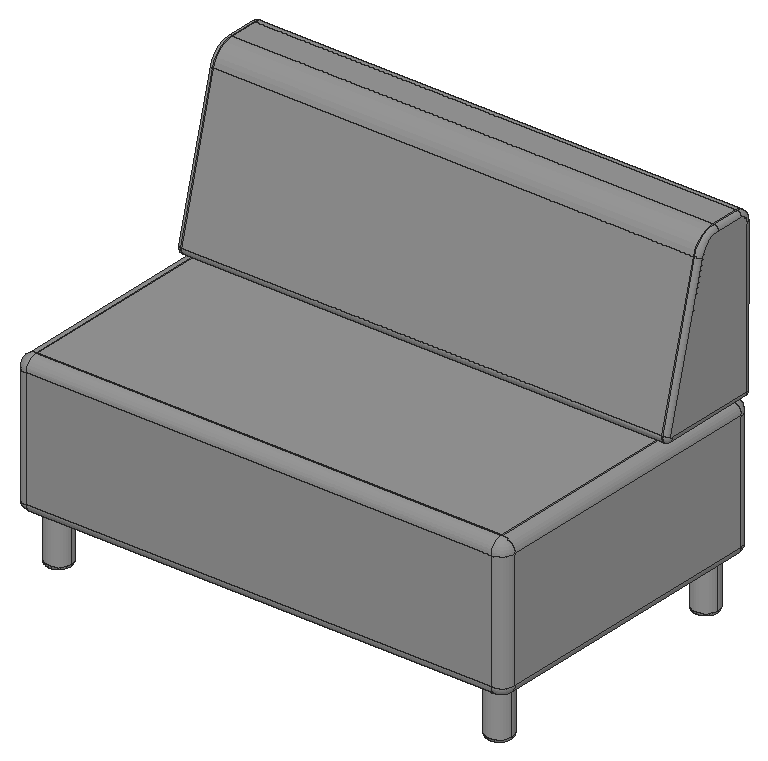
Revit family "7500C Loveseat Armless - Kids", category Generic Models, Revit 2018
Family settings
  Can host rebar = No
  Round Connector Dimension = Use Diameter
  Part Type = Normal
  Work Plane-Based = No
  Always vertical = Yes
  Cut with Voids When Loaded = No
  Shared = No
  Room Calculation Point = No
Parameters
  Top Fabric = 7500C Top Fabric
  Bottom Fabric = 7500C Bottom Fabric
Reference planes (in)
  plane 1 "Center (Front/Back)": y = 0
  plane 2: z = 0
  plane 3 "Center (Left/Right)": x = 0
Forms (in)
  Extrusion 1, solid, material "7500C Bottom Fabric" <- "Bottom Fabric"
    sketch origin (0, 0, 0) x (1, 0, 0) y (0, 1, 0)
      loop
        arc (-18.47909, 11.25066) -> (-18.49388, 11.24454) -> (-18.5, 11.22975) r 0.02091
        line (-18.5, 11.22975) -> (-18.5, -11.22975)
        arc (-18.5, -11.22975) -> (-18.49426, -11.2436) -> (-18.48041, -11.24934) r 0.01959
        line (-18.48041, -11.24934) -> (18.48041, -11.24934)
        arc (18.48041, -11.24934) -> (18.49426, -11.2436) -> (18.5, -11.22975) r 0.01959
        line (18.5, -11.22975) -> (18.5, 11.22975)
        arc (18.5, 11.22975) -> (18.49388, 11.24454) -> (18.47909, 11.25066) r 0.02091
        line (18.47909, 11.25066) -> (-18.47909, 11.25066)
    from 4 to 15
  Sweep 2, solid, material "7500C Bottom Fabric" <- "Bottom Fabric"
    path origin (0, 0, 0) x (1, 0, 0) y (0, 1, 0)
      loop
        line (18.47909, 11.25066) -> (-18.47909, 11.25066)
        arc (-18.47909, 11.25066) -> (-18.49388, 11.24454) -> (-18.5, 11.22975) r 0.02091
        line (-18.5, 11.22975) -> (-18.5, -11.22975)
        arc (-18.5, -11.22975) -> (-18.49426, -11.2436) -> (-18.48041, -11.24934) r 0.01959
        line (-18.48041, -11.24934) -> (18.48041, -11.24934)
        arc (18.48041, -11.24934) -> (18.49426, -11.2436) -> (18.5, -11.22975) r 0.01959
        line (18.5, -11.22975) -> (18.5, 11.22975)
        arc (18.5, 11.22975) -> (18.49388, 11.24454) -> (18.47909, 11.25066) r 0.02091
    profile origin (0, 11.25066, 0) x (0, -1, 0) y (0, 0, 1)
      loop
        arc (0, 15) -> (-0.70711, 14.70711) -> (-1, 14) r 1
        line (-1, 14) -> (-1, 4.61745)
        arc (-1, 4.61745) -> (-0.85933, 4.22019) -> (-0.5, 4) r 0.63124
        line (-0.5, 4) -> (0, 4) -> (0, 15)
  Revolve 3, solid, material "7000C Frame"
    sketch origin (-9.75, -10.24934, 0) x (1, 0, 0) y (0, 0, 1)
      loop
        line (-7.75, 4) -> (-7.75, 0) -> (-6.95, 0)
        arc (-6.95, 0) -> (-6.80858, 0.05858) -> (-6.75, 0.2) r 0.2
        line (-6.75, 0.2) -> (-6.75, 4) -> (-7.75, 4)
      axis (-7.75, 4) -> (-7.75, 0)
    angle from 0 to 360
  Revolve 4, solid, material "7000C Frame"
    sketch origin (9.75, -10.24934, 0) x (-1, 0, 0) y (0, 0, -1)
      loop
        line (-7.75, -4) -> (-6.75, -4) -> (-6.75, -0.2)
        arc (-6.75, -0.2) -> (-6.80858, -0.05858) -> (-6.95, 0) r 0.2
        line (-6.95, 0) -> (-7.75, 0) -> (-7.75, -4)
      axis (-7.75, -4) -> (-7.75, 0)
    angle from 0 to 360
  Revolve 5, solid, material "7000C Frame"
    sketch origin (-9.75, 10.24934, 0) x (1, 0, 0) y (0, 0, -1)
      loop
        line (-7.75, -4) -> (-6.75, -4) -> (-6.75, -0.2)
        arc (-6.75, -0.2) -> (-6.80858, -0.05858) -> (-6.95, 0) r 0.2
        line (-6.95, 0) -> (-7.75, 0) -> (-7.75, -4)
      axis (-7.75, -4) -> (-7.75, 0)
    angle from 0 to 360
  Revolve 6, solid, material "7000C Frame"
    sketch origin (9.75, 10.24934, 0) x (-1, 0, 0) y (0, 0, 1)
      loop
        line (-7.75, 4) -> (-7.75, 0) -> (-6.95, 0)
        arc (-6.95, 0) -> (-6.80858, 0.05858) -> (-6.75, 0.2) r 0.2
        line (-6.75, 0.2) -> (-6.75, 4) -> (-7.75, 4)
      axis (-7.75, 4) -> (-7.75, 0)
    angle from 0 to 360
  Extrusion 7, solid, material "7500C Top Fabric" <- "Top Fabric"
    sketch origin (0, 0, 0) x (0, 1, 0) y (0, 0, 1)
      loop
        line (12.25066, 15.5) -> (12.25066, 27.5)
        arc (12.25066, 27.5) -> (11.95777, 28.20711) -> (11.25066, 28.5) r 1
        line (11.25066, 28.5) -> (8.98349, 28.5)
        arc (8.98349, 28.5) -> (7.77094, 28.09051) -> (7.05491, 27.02973) r 2
        line (7.05491, 27.02973) -> (3.92437, 15.63243)
        arc (3.92437, 15.63243) -> (4.00889, 15.19686) -> (4.40652, 15) r 0.5
        line (4.40652, 15) -> (11.75066, 15)
        arc (11.75066, 15) -> (12.10421, 15.14645) -> (12.25066, 15.5) r 0.5
    from -19.115 to 19.115
  Extrusion 8, solid, material "7500C Top Fabric" <- "Top Fabric"
    sketch origin (-9.75, 0, 0) x (0, 1, 0) y (0, 0, 1)
      loop
        arc (11.75066, 15.4) -> (11.82137, 15.42929) -> (11.85066, 15.5) r 0.1
        line (11.85066, 15.5) -> (11.85066, 27.5)
        arc (11.85066, 27.5) -> (11.67492, 27.92426) -> (11.25066, 28.1) r 0.6
        line (11.25066, 28.1) -> (8.98349, 28.1)
        arc (8.98349, 28.1) -> (8.01345, 27.77241) -> (7.44063, 26.92378) r 1.6
        line (7.44063, 26.92378) -> (4.31009, 15.52649)
        arc (4.31009, 15.52649) -> (4.32699, 15.43937) -> (4.40652, 15.4) r 0.1
        line (4.40652, 15.4) -> (11.75066, 15.4)
    from -9.75 to -9.365
  Sweep 9, solid, material "7500C Top Fabric" <- "Top Fabric"
    path origin (-9.75, 0, 0) x (0, 1, 0) y (0, 0, 1)
      loop
        line (11.85066, 15.5) -> (11.85066, 27.5)
        arc (11.85066, 27.5) -> (11.67492, 27.92426) -> (11.25066, 28.1) r 0.6
        line (11.25066, 28.1) -> (8.98349, 28.1)
        arc (8.98349, 28.1) -> (8.01345, 27.77241) -> (7.44063, 26.92378) r 1.6
        line (7.44063, 26.92378) -> (4.31009, 15.52649)
        arc (4.31009, 15.52649) -> (4.32699, 15.43937) -> (4.40652, 15.4) r 0.1
        line (4.40652, 15.4) -> (11.75066, 15.4)
        arc (11.75066, 15.4) -> (11.82137, 15.42929) -> (11.85066, 15.5) r 0.1
    profile origin (-9.75, 11.85066, 21.5) x (0, -1, 0) y (1, 0, 0)
      loop
        arc (-0.4, -9.365) -> (-0.27759, -9.63811) -> (0, -9.75) r 0.40029
        line (0, -9.75) -> (0, -9.365) -> (-0.4, -9.365)
  Extrusion 10, solid, material "7500C Top Fabric" <- "Top Fabric"
    sketch origin (9.75, 0, 0) x (0, 1, 0) y (0, 0, -1)
      loop
        line (11.75066, -15.4) -> (4.40652, -15.4)
        arc (4.40652, -15.4) -> (4.32699, -15.43937) -> (4.31009, -15.52649) r 0.1
        line (4.31009, -15.52649) -> (7.44063, -26.92378)
        arc (7.44063, -26.92378) -> (8.01345, -27.77241) -> (8.98349, -28.1) r 1.6
        line (8.98349, -28.1) -> (11.25066, -28.1)
        arc (11.25066, -28.1) -> (11.67492, -27.92426) -> (11.85066, -27.5) r 0.6
        line (11.85066, -27.5) -> (11.85066, -15.5)
        arc (11.85066, -15.5) -> (11.82137, -15.42929) -> (11.75066, -15.4) r 0.1
    from -9.75 to -9.365
  Sweep 11, solid, material "7500C Top Fabric" <- "Top Fabric"
    path origin (9.75, 0, 0) x (0, 1, 0) y (0, 0, -1)
      loop
        arc (11.85066, -15.5) -> (11.82137, -15.42929) -> (11.75066, -15.4) r 0.1
        line (11.75066, -15.4) -> (4.40652, -15.4)
        arc (4.40652, -15.4) -> (4.32699, -15.43937) -> (4.31009, -15.52649) r 0.1
        line (4.31009, -15.52649) -> (7.44063, -26.92378)
        arc (7.44063, -26.92378) -> (8.01345, -27.77241) -> (8.98349, -28.1) r 1.6
        line (8.98349, -28.1) -> (11.25066, -28.1)
        arc (11.25066, -28.1) -> (11.67492, -27.92426) -> (11.85066, -27.5) r 0.6
        line (11.85066, -27.5) -> (11.85066, -15.5)
    profile origin (9.75, 11.85066, 21.5) x (0, 1, 0) y (-1, 0, 0)
      loop
        line (0.4, -9.365) -> (0, -9.365) -> (0, -9.75)
        arc (0, -9.75) -> (0.27759, -9.63811) -> (0.4, -9.365) r 0.40029
Dimensions and locks (in)
  aligned and locked: plane 2 to level
